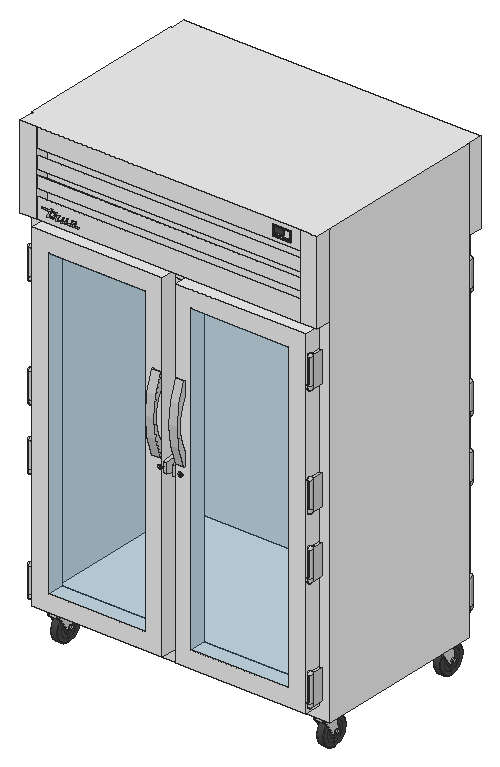
Revit family
Parameters
  Weight in Pounds = 0
  Watts = 3000 W
  Volts = 208 V
  URL Cutsheet = "www.truemfg.com"
  URL = "www.truemfg.com"
  Type Mark [instance] = ""
  Type Comments = ""
  Status [instance] = ""
  Specification by User [instance] = ""
  Specification by Manufacturer = ""
  Show Seismic Flanged [instance] = no
  Show Logo [instance] = yes
  Show Legs [instance] = no
  Show Clearance [instance] = yes
  Serial Number = ""
  Seismic Rating = ""
  Seismic Plate [instance] = and(Show Seismic Flanged, not(Show Casters))  # no
  SMACNA No = ""
  Revision Code [instance] = ""
  Phase = 1
  Omniclass Number and Title = ""
  Number of Poles [instance] = 1
  NAFEM Spec ID Number = ""
  Model = "STA2HPT-2G-2S"
  Min Ckt Ampacity = 0 A
  Max Overcurrent Protection = 0 A
  Masterspec = ""
  Manufacturer = "TRUE FOOD SERVICE EQUIPMENT, INC."
  Length = 52 5/8"
  Legs [instance] = or(Show Legs, Show Seismic Flanged)  # no
  Item Number [instance] = ""
  Installed By [instance] = ""
  Identify Quantity as Lot [instance] = yes
  Height = 77 3/4"
  HP = ""
  Furnished By [instance] = ""
  Foodservice Equipment Identifier [instance] = yes
  FL Amps = Watts / Volts  # 14.4231 A
  Electrical Remarks [instance] = ""
  Electric Connection Type [instance] = ""
  Elec Conn RI Height [instance] = 0"
  Elec Conn Connection Height [instance] = 0"
  Description = "Pass-thru Glass Front/Solid Rear Swing Doors Heated Cabinet"
  Depth = 36 1/8"
  Cycle = 60 Hz
  Conn Plug = "6-15P"
  Conn Conduit = yes
  Show Casters [instance] = and(not(if(Show Legs, Show Legs, Show Legs)), not(if(Show Legs, Show Legs, Show Seismic Flanged)))  # yes
  CSI MasterFormat = ""
  CSI Master Format = ""
  Assembly Code = ""
  Apparent Power = if(Phase = 3, Volts * FL Amps * 1.73, Volts * FL Amps)  # 3000 VA
Reference planes (in)
  plane 1 "BACK": y = 0
  plane 2: z = 0
  plane 3 "LEFT": x = 0
  plane 4 "RIGHT": x = 52.625
  plane 5 "FRONT": y = -36.125
  plane 6 "TOP": z = 84.125
  plane 7: z = 6.125
  plane 8: x = 26.3125
  plane 9: x = 3
  plane 10: x = 49.9375
  plane 11: y = -36.0792
  plane 12: x = 26.3125
  plane 13: y = -0.0458
  plane 14: y = -18.0625
Forms (in)
  Extrusion 1, solid, material "QF_Finishes_Chrome - Satin"
    sketch origin (0.05, 0, 0) x (1, 0, 0) y (0, 1, 0)
      loop
        line (-0.05, -2.75) -> (-0.05, -33.375) -> (2.35625, -33.375) -> (2.35625, -2.75) -> (-0.05, -2.75)
    from 6.125 to 84.125
  Extrusion 2, solid, material "QF_Finishes_Chrome - Satin"
    sketch origin (50.15, 0, 0) x (1, 0, 0) y (0, 1, 0)
      loop
        line (0.225, -2.75) -> (0.225, -33.375) -> (2.475, -33.375) -> (2.475, -2.75) -> (0.225, -2.75)
    from 6.125 to 84.125
  Extrusion 3, solid, material "QF_Finishes_Chrome - Satin"
    sketch origin (0, 0, 0) x (0, 1, 0) y (0, 0, 1)
      loop
        line (-36.0792, 69.5) -> (-33.375, 69.5) -> (-33.375, 66.96875) -> (-2.75, 66.96875) -> (-2.75, 69.5) -> (-0.0458, 69.5) -> (-0.0458, 73.19226) -> (-2.25, 71.625) -> (-2.25, 72.90057) -> (-0.0458, 74.46784) -> (-0.0458, 76.56404) -> (-2.25, 74.99678) -> (-2.25, 75.95754) -> (-0.0458, 77.5248) -> (-0.0458, 79.65851) -> (-2.25, 78.09125) -> (-2.25, 79.21352) -> (-0.0458, 80.78078) -> (-0.0458, 84.125) -> (-36.0792, 84.125) -> (-36.0792, 80.78078) -> (-33.875, 79.21352) -> (-33.875, 78.09125) -> (-36.0792, 79.65851) -> (-36.0792, 77.5248) -> (-33.875, 75.95754) -> (-33.875, 74.99678) -> (-36.0792, 76.56404) -> (-36.0792, 74.46784) -> (-33.875, 72.90057) -> (-33.875, 71.625) -> (-36.0792, 73.19226) -> (-36.0792, 69.5)
      loop
        line (-33.375, 6.125) -> (-2.75, 6.125) -> (-2.75, 9.03125) -> (-33.375, 9.03125) -> (-33.375, 6.125)
    from 2.25 to 50.375
  Extrusion 4, solid, material "QF_Finishes_Chrome - Satin"
    sketch origin (0, 0, 0) x (1, 0, 0) y (0, 1, 0)
      loop
        line (52.54687, -33.375) -> (49.66032, -33.375) -> (49.66032, -36.125) -> (52.54687, -36.125) -> (52.54687, -33.375)
      loop
        line (52.47282, -2.75) -> (52.47282, 0) -> (49.66032, 0) -> (49.66032, -2.75) -> (52.47282, -2.75)
    from 69.5 to 84.125
  Extrusion 5, solid, material "QF_Finishes_Chrome - Satin"
    sketch origin (-50.125, 0, 0.25) x (1, 0, 0) y (0, 1, 0)
      loop
        line (53.20984, -33.375) -> (50.20312, -33.375) -> (50.20312, -36.125) -> (53.20984, -36.125) -> (53.20984, -33.375)
      loop
        line (53.20984, -2.75) -> (53.20984, 0) -> (50.24109, 0) -> (50.24109, -2.75) -> (53.20984, -2.75)
    from 69.25 to 83.875
  Extrusion 6, solid, material "QF_Finishes_Chrome - Satin"
    sketch origin (0, -2.375, -0.71875) x (1, 0, 0) y (0, 0, 1)
      loop
        line (2.25, 68.6875) -> (2.25, 8.75) -> (25.1875, 8.75) -> (25.1875, 68.6875) -> (2.25, 68.6875)
      loop
        line (50.53125, 68.6875) -> (27.59375, 68.6875) -> (27.59375, 8.75) -> (50.53125, 8.75) -> (50.53125, 68.6875)
      loop
        line (30.25, 65.6875) -> (30.25, 11.75) -> (47.53125, 11.75) -> (47.53125, 65.6875) -> (30.25, 65.6875)
      loop
        line (5.25, 65.6875) -> (5.25, 11.75) -> (22.29688, 11.75) -> (22.29688, 65.6875) -> (5.25, 65.6875)
    from 31 to 33.75
  Extrusion 7, solid, material "QF_Finishes_Handrails and Railings"
    sketch origin (2.09375, -2.375, -2) x (1, 0, 0) y (0, 0, 1)
      loop
        circle (22.76563, 40.0625) r 0.35
      loop
        line (22.73047, 40.33635) -> (22.73047, 39.76895) -> (22.78597, 39.76895) -> (22.78597, 40.33635) -> (22.73047, 40.33635)
      loop
        circle (26.3125, 40.0625) r 0.35
      loop
        line (26.34765, 40.33635) -> (26.29215, 40.33635) -> (26.29215, 39.76895) -> (26.34765, 39.76895) -> (26.34765, 40.33635)
    from 33.5 to 33.83066
  Extrusion 8, solid, material "QF_Finishes_Handrails and Railings", visible <- "Show Logo"
    sketch origin (0.33478, -1.29327, -6.73143) x (1, 0, 0) y (0, 0, 1)
      loop
        line (3.61669, 78.46231) -> (3.51103, 78.23573) -> (4.91652, 78.23573)
        arc (4.91652, 78.23573) -> (4.94504, 78.18528) -> (4.91652, 78.13484) r 0.05887
        line (4.91652, 78.13484) -> (4.54994, 77.34872)
        arc (4.54994, 77.34872) -> (4.54676, 77.27591) -> (4.596, 77.22217) r 0.09523
        line (4.596, 77.22217) -> (5.49469, 77.22217)
        arc (5.49469, 77.22217) -> (5.60817, 77.25795) -> (5.68061, 77.35235) r 0.19785
        line (5.68061, 77.35235) -> (5.9691, 77.97101) -> (6.23415, 77.97101)
        arc (6.23415, 77.97101) -> (6.30369, 77.94543) -> (6.29362, 77.87203) r 0.05911
        line (6.29362, 77.87203) -> (6.05223, 77.35437)
        arc (6.05223, 77.35437) -> (6.05599, 77.2684) -> (6.12856, 77.22217) r 0.09318
        line (6.12856, 77.22217) -> (6.91823, 77.22217)
        arc (6.91823, 77.22217) -> (6.97874, 77.24419) -> (7.01093, 77.29995) r 0.09412
        arc (7.01093, 77.29995) -> (7.03371, 77.24495) -> (7.08871, 77.22217) r 0.07778
        line (7.08871, 77.22217) -> (7.58871, 77.22217)
        arc (7.58871, 77.22217) -> (7.64647, 77.23765) -> (7.68876, 77.27993) r 0.11552
        arc (7.68876, 77.27993) -> (7.709, 77.23106) -> (7.75787, 77.21081) r 0.06912
        line (7.75787, 77.21081) -> (8.4685, 77.21081)
        arc (8.4685, 77.21081) -> (8.52659, 77.23488) -> (8.55066, 77.29297) r 0.08216
        arc (8.55066, 77.29297) -> (8.60392, 77.23972) -> (8.67667, 77.22022) r 0.14551
        line (8.67667, 77.22022) -> (10.00783, 77.22022) -> (10.15571, 77.47634) -> (8.81303, 77.47634)
        arc (8.81303, 77.47634) -> (8.77597, 77.50204) -> (8.77459, 77.54711) r 0.05009
        line (8.77459, 77.54711) -> (8.79782, 77.59692)
        arc (8.79782, 77.59692) -> (8.83348, 77.64364) -> (8.88952, 77.66135) r 0.09747
        line (8.88952, 77.66135) -> (9.3211, 77.66135)
        arc (9.3211, 77.66135) -> (9.41425, 77.68631) -> (9.48244, 77.7545) r 0.1863
        line (9.48244, 77.7545) -> (9.60744, 77.97101)
        arc (9.60744, 77.97101) -> (9.60744, 78.08657) -> (9.50736, 78.14434) r 0.11556
        line (9.50736, 78.14434) -> (9.05187, 78.14434)
        arc (9.05187, 78.14434) -> (8.93575, 78.12462) -> (8.85474, 78.03912) r 0.18605
        line (8.85474, 78.03912) -> (8.63829, 77.57493)
        arc (8.63829, 77.57493) -> (8.5744, 77.49167) -> (8.47431, 77.46011) r 0.1745
        line (8.47431, 77.46011) -> (8.00184, 77.46011)
        arc (8.00184, 77.46011) -> (7.94528, 77.52184) -> (7.94893, 77.60548) r 0.10939
        line (7.94893, 77.60548) -> (8.2002, 78.14434) -> (8.04028, 78.14434) -> (7.77406, 77.57344)
        arc (7.77406, 77.57344) -> (7.72234, 77.50603) -> (7.6413, 77.48048) r 0.14128
        line (7.6413, 77.48048) -> (7.3155, 77.48048)
        arc (7.3155, 77.48048) -> (7.26044, 77.55223) -> (7.27225, 77.64189) r 0.11816
        line (7.27225, 77.64189) -> (7.50655, 78.14434) -> (7.34139, 78.14434) -> (7.07171, 77.566)
        arc (7.07171, 77.566) -> (7.0091, 77.50339) -> (6.92358, 77.48048) r 0.17104
        line (6.92358, 77.48048) -> (6.4518, 77.48048)
        arc (6.4518, 77.48048) -> (6.36707, 77.51999) -> (6.35892, 77.61313) r 0.0935
        line (6.35892, 77.61313) -> (6.51399, 77.94569) -> (6.7332, 77.94569)
        arc (6.7332, 77.94569) -> (6.7702, 78.05717) -> (6.84892, 78.14434) r 0.2857
        line (6.84892, 78.14434) -> (5.9923, 78.14434)
        arc (5.9923, 78.14434) -> (5.89711, 78.12324) -> (5.83123, 78.05135) r 0.16212
        line (5.83123, 78.05135) -> (5.59904, 77.55341)
        arc (5.59904, 77.55341) -> (5.54565, 77.50002) -> (5.47272, 77.48048) r 0.14586
        line (5.47272, 77.48048) -> (4.96131, 77.48048)
        arc (4.96131, 77.48048) -> (4.92139, 77.53442) -> (4.92899, 77.60109) r 0.09155
        line (4.92899, 77.60109) -> (5.26643, 78.23573) -> (6.1178, 78.23573) -> (6.22346, 78.46231) -> (5.37209, 78.46231) -> (5.47774, 78.68888) -> (5.17487, 78.68888) -> (5.06922, 78.46231) -> (3.61669, 78.46231)
      loop
        arc (8.9943, 77.93863) -> (8.95744, 77.92875) -> (8.93045, 77.90176) r 0.07373
        line (8.93045, 77.90176) -> (8.90854, 77.83436)
        arc (8.90854, 77.83436) -> (8.9187, 77.80983) -> (8.94324, 77.79966) r 0.0347
        line (8.94324, 77.79966) -> (9.31573, 77.79966)
        arc (9.31573, 77.79966) -> (9.34257, 77.80561) -> (9.36437, 77.82234) r 0.0635
        line (9.36437, 77.82234) -> (9.38249, 77.90622)
        arc (9.38249, 77.90622) -> (9.37716, 77.92868) -> (9.35634, 77.93863) r 0.02676
        line (9.35634, 77.93863) -> (8.9943, 77.93863)
    from 34.76797 to 34.83173
  Extrusion 9, solid
    sketch origin (0, 0, 0) x (1, 0, 0) y (0, 0, 1)
      loop
        circle (49.53125, 82) r 0.25
    from 0 to 0.0625
  Extrusion 10, solid, material "QF_Finishes_Handrails and Railings"
    sketch origin (35.89656, -0.25, 93.43167) x (0, 1, 0) y (0, 0, -1)
      loop
        line (-35.875, 53.875) -> (-36.075, 53.875)
        arc (-36.075, 53.875) -> (-37.51905, 47.075) -> (-36.075, 40.275) r 16.7325
        line (-36.075, 40.275) -> (-35.875, 40.275) -> (-35.875, 42.675)
        arc (-35.875, 42.675) -> (-37.03316, 47.075) -> (-35.875, 51.475) r 8.93715
        line (-35.875, 51.475) -> (-35.875, 53.875)
    from 10.87731 to 12.37731
  Blend 11, solid, material "QF_Finishes_Handrails and Railings"
    base sketch origin (-0.14063, -2.375, 0) x (1, 0, 0) y (0, 0, 1)
      loop
        line (25.32813, 38.99169) -> (25.32813, 37.24169) -> (26.07813, 37.24169) -> (26.07813, 38.99169) -> (25.32813, 38.99169)
    top sketch origin (-0.14063, 0, 0) x (1, 0, 0) y (0, 0, 1)
      loop
        line (26.26036, 36.6441) -> (26.26036, 39.42643) -> (25.32813, 39.42643) -> (25.32813, 36.6441) -> (26.26036, 36.6441)
    from 33.57883 to 33.375
  Blend 12, solid, material "QF_Finishes_Handrails and Railings"
    base sketch origin (52.84375, -2.375, 0) x (-1, 0, 0) y (0, 0, -1)
      loop
        line (25.25, -38.99169) -> (26, -38.99169) -> (26, -37.24169) -> (25.25, -37.24169) -> (25.25, -38.99169)
    top sketch origin (52.84375, 0, 0) x (-1, 0, 0) y (0, 0, -1)
      loop
        line (26.18223, -36.6441) -> (25.25, -36.6441) -> (25.25, -39.42643) -> (26.18223, -39.42643) -> (26.18223, -36.6441)
    from 33.57883 to 33.375
  Extrusion 13, solid, material "QF_Finishes_Handrails and Railings"
    sketch origin (1.09375, 0, 0) x (0, 1, 0) y (0, 0, 1)
      loop
        line (-33.375, 64.55229) -> (-34.98544, 64.55229)
        arc (-34.98544, 64.55229) -> (-35.13006, 64.49238) -> (-35.18997, 64.34776) r 0.20453
        line (-35.18997, 64.34776) -> (-35.18997, 59.94848) -> (-35.625, 59.94848) -> (-35.625, 59.23627) -> (-33.375, 59.23627) -> (-33.375, 64.55229)
    from 0.17506 to 1
  Revolve 14, solid, material "QF_Finishes_Handrails and Railings"
    sketch origin (1.59375, 0, 0) x (0, 1, 0) y (0, 0, 1)
      loop
        line (-35.64063, 60.00189) -> (-35.64063, 64.81483)
        arc (-35.64063, 64.81483) -> (-35.91222, 64.72557) -> (-36.04729, 64.4736) r 0.3848
        line (-36.04729, 64.4736) -> (-36.04729, 60.00189) -> (-35.64063, 60.00189)
      loop
        line (-35.64063, 59.94848) -> (-36.04729, 59.94848) -> (-36.04729, 59.37712)
        arc (-36.04729, 59.37712) -> (-35.90764, 59.13383) -> (-35.64063, 59.04781) r 0.38884
        line (-35.64063, 59.04781) -> (-35.64063, 59.94848)
      axis (-35.64063, 59.04781) -> (-35.64063, 64.81483)
    angle from 0 to 360
  Extrusion 15, solid, material "QF_Finishes_Handrails and Railings"
    sketch origin (-0.21875, -2.375, 0) x (1, 0, 0) y (0, 0, 1)
      loop
        line (2.07116, 64.4736) -> (2.07116, 60.00079) -> (2.46875, 60.00079) -> (2.46875, 64.4736) -> (2.07116, 64.4736)
    from 32.81497 to 33.59495
  Extrusion 16, solid, material "QF_Finishes_Handrails and Railings"
    sketch origin (1.09375, 0, -19.5) x (0, 1, 0) y (0, 0, 1)
      loop
        line (-33.375, 64.55229) -> (-34.98544, 64.55229)
        arc (-34.98544, 64.55229) -> (-35.13006, 64.49238) -> (-35.18997, 64.34776) r 0.20453
        line (-35.18997, 64.34776) -> (-35.18997, 59.94848) -> (-35.625, 59.94848) -> (-35.625, 59.23627) -> (-33.375, 59.23627) -> (-33.375, 64.55229)
    from 0.17506 to 1
  Revolve 17, solid, material "QF_Finishes_Handrails and Railings"
    sketch origin (1.59375, 0, -19.5) x (0, 1, 0) y (0, 0, 1)
      loop
        line (-35.64063, 60.00189) -> (-35.64063, 64.81483)
        arc (-35.64063, 64.81483) -> (-35.91222, 64.72557) -> (-36.04729, 64.4736) r 0.3848
        line (-36.04729, 64.4736) -> (-36.04729, 60.00189) -> (-35.64063, 60.00189)
      loop
        line (-35.64063, 59.94848) -> (-36.04729, 59.94848) -> (-36.04729, 59.37712)
        arc (-36.04729, 59.37712) -> (-35.90764, 59.13383) -> (-35.64063, 59.04781) r 0.38884
        line (-35.64063, 59.04781) -> (-35.64063, 59.94848)
      axis (-35.64063, 59.04781) -> (-35.64063, 64.81483)
    angle from 0 to 360
  Extrusion 18, solid, material "QF_Finishes_Handrails and Railings"
    sketch origin (-0.21875, -2.375, -19.5) x (1, 0, 0) y (0, 0, 1)
      loop
        line (2.07116, 64.4736) -> (2.07116, 60.00079) -> (2.46875, 60.00079) -> (2.46875, 64.4736) -> (2.07116, 64.4736)
    from 32.81497 to 33.59495
  Extrusion 19, solid, material "QF_Finishes_Handrails and Railings"
    sketch origin (1.09375, 0, -30.5) x (0, 1, 0) y (0, 0, 1)
      loop
        line (-33.375, 64.55229) -> (-34.98544, 64.55229)
        arc (-34.98544, 64.55229) -> (-35.13006, 64.49238) -> (-35.18997, 64.34776) r 0.20453
        line (-35.18997, 64.34776) -> (-35.18997, 59.94848) -> (-35.625, 59.94848) -> (-35.625, 59.23627) -> (-33.375, 59.23627) -> (-33.375, 64.55229)
    from 0.17506 to 1
  Revolve 20, solid, material "QF_Finishes_Handrails and Railings"
    sketch origin (1.59375, 0, -30.5) x (0, 1, 0) y (0, 0, 1)
      loop
        line (-35.64063, 60.00189) -> (-35.64063, 64.81483)
        arc (-35.64063, 64.81483) -> (-35.91222, 64.72557) -> (-36.04729, 64.4736) r 0.3848
        line (-36.04729, 64.4736) -> (-36.04729, 60.00189) -> (-35.64063, 60.00189)
      loop
        line (-35.64063, 59.94848) -> (-36.04729, 59.94848) -> (-36.04729, 59.37712)
        arc (-36.04729, 59.37712) -> (-35.90764, 59.13383) -> (-35.64063, 59.04781) r 0.38884
        line (-35.64063, 59.04781) -> (-35.64063, 59.94848)
      axis (-35.64063, 59.04781) -> (-35.64063, 64.81483)
    angle from 0 to 360
  Extrusion 21, solid, material "QF_Finishes_Handrails and Railings"
    sketch origin (-0.21875, -2.375, -30.5) x (1, 0, 0) y (0, 0, 1)
      loop
        line (2.07116, 64.4736) -> (2.07116, 60.00079) -> (2.46875, 60.00079) -> (2.46875, 64.4736) -> (2.07116, 64.4736)
    from 32.81497 to 33.59495
  Extrusion 22, solid, material "QF_Finishes_Handrails and Railings"
    sketch origin (1.09375, 0, -50.25) x (0, 1, 0) y (0, 0, 1)
      loop
        line (-33.375, 64.55229) -> (-34.98544, 64.55229)
        arc (-34.98544, 64.55229) -> (-35.13006, 64.49238) -> (-35.18997, 64.34776) r 0.20453
        line (-35.18997, 64.34776) -> (-35.18997, 59.94848) -> (-35.625, 59.94848) -> (-35.625, 59.23627) -> (-33.375, 59.23627) -> (-33.375, 64.55229)
    from 0.17506 to 1
  Revolve 23, solid, material "QF_Finishes_Handrails and Railings"
    sketch origin (1.59375, 0, -50.25) x (0, 1, 0) y (0, 0, 1)
      loop
        line (-35.64063, 60.00189) -> (-35.64063, 64.81483)
        arc (-35.64063, 64.81483) -> (-35.91222, 64.72557) -> (-36.04729, 64.4736) r 0.3848
        line (-36.04729, 64.4736) -> (-36.04729, 60.00189) -> (-35.64063, 60.00189)
      loop
        line (-35.64063, 59.94848) -> (-36.04729, 59.94848) -> (-36.04729, 59.37712)
        arc (-36.04729, 59.37712) -> (-35.90764, 59.13383) -> (-35.64063, 59.04781) r 0.38884
        line (-35.64063, 59.04781) -> (-35.64063, 59.94848)
      axis (-35.64063, 59.04781) -> (-35.64063, 64.81483)
    angle from 0 to 360
  Extrusion 24, solid, material "QF_Finishes_Handrails and Railings"
    sketch origin (-0.21875, -2.375, -50.25) x (1, 0, 0) y (0, 0, 1)
      loop
        line (2.07116, 64.4736) -> (2.07116, 60.00079) -> (2.46875, 60.00079) -> (2.46875, 64.4736) -> (2.07116, 64.4736)
    from 32.81497 to 33.59495
  Extrusion 25, solid, material "QF_Finishes_Handrails and Railings"
    sketch origin (51.375, 0, 0) x (0, 1, 0) y (0, 0, -1)
      loop
        line (-33.375, -64.55229) -> (-33.375, -59.23627) -> (-35.625, -59.23627) -> (-35.625, -59.94848) -> (-35.18997, -59.94848) -> (-35.18997, -64.34776)
        arc (-35.18997, -64.34776) -> (-35.13006, -64.49238) -> (-34.98544, -64.55229) r 0.20453
        line (-34.98544, -64.55229) -> (-33.375, -64.55229)
    from 0.17506 to 1
  Revolve 26, solid, material "QF_Finishes_Handrails and Railings"
    sketch origin (50.875, 0, 0) x (0, 1, 0) y (0, 0, -1)
      loop
        line (-35.64063, -60.00189) -> (-36.04729, -60.00189) -> (-36.04729, -64.4736)
        arc (-36.04729, -64.4736) -> (-35.91222, -64.72557) -> (-35.64063, -64.81483) r 0.3848
        line (-35.64063, -64.81483) -> (-35.64063, -60.00189)
      loop
        line (-35.64063, -59.94848) -> (-35.64063, -59.04781)
        arc (-35.64063, -59.04781) -> (-35.90764, -59.13383) -> (-36.04729, -59.37712) r 0.38884
        line (-36.04729, -59.37712) -> (-36.04729, -59.94848) -> (-35.64063, -59.94848)
      axis (-35.64063, -59.04781) -> (-35.64063, -64.81483)
    angle from 0 to 360
  Extrusion 27, solid, material "QF_Finishes_Handrails and Railings"
    sketch origin (52.6875, -2.375, 0) x (-1, 0, 0) y (0, 0, -1)
      loop
        line (1.75866, -64.4736) -> (2.15625, -64.4736) -> (2.15625, -60.00079) -> (1.75866, -60.00079) -> (1.75866, -64.4736)
    from 32.81497 to 33.59495
  Extrusion 28, solid, material "QF_Finishes_Handrails and Railings"
    sketch origin (51.375, 0, -19.5) x (0, 1, 0) y (0, 0, -1)
      loop
        line (-33.375, -64.55229) -> (-33.375, -59.23627) -> (-35.625, -59.23627) -> (-35.625, -59.94848) -> (-35.18997, -59.94848) -> (-35.18997, -64.34776)
        arc (-35.18997, -64.34776) -> (-35.13006, -64.49238) -> (-34.98544, -64.55229) r 0.20453
        line (-34.98544, -64.55229) -> (-33.375, -64.55229)
    from 0.17506 to 1
  Revolve 29, solid, material "QF_Finishes_Handrails and Railings"
    sketch origin (50.875, 0, -19.5) x (0, 1, 0) y (0, 0, -1)
      loop
        line (-35.64063, -60.00189) -> (-36.04729, -60.00189) -> (-36.04729, -64.4736)
        arc (-36.04729, -64.4736) -> (-35.91222, -64.72557) -> (-35.64063, -64.81483) r 0.3848
        line (-35.64063, -64.81483) -> (-35.64063, -60.00189)
      loop
        line (-35.64063, -59.94848) -> (-35.64063, -59.04781)
        arc (-35.64063, -59.04781) -> (-35.90764, -59.13383) -> (-36.04729, -59.37712) r 0.38884
        line (-36.04729, -59.37712) -> (-36.04729, -59.94848) -> (-35.64063, -59.94848)
      axis (-35.64063, -59.04781) -> (-35.64063, -64.81483)
    angle from 0 to 360
  Extrusion 30, solid, material "QF_Finishes_Handrails and Railings"
    sketch origin (52.6875, -2.375, -19.5) x (-1, 0, 0) y (0, 0, -1)
      loop
        line (1.75866, -64.4736) -> (2.15625, -64.4736) -> (2.15625, -60.00079) -> (1.75866, -60.00079) -> (1.75866, -64.4736)
    from 32.81497 to 33.59495
  Extrusion 31, solid, material "QF_Finishes_Handrails and Railings"
    sketch origin (51.375, 0, -30.5) x (0, 1, 0) y (0, 0, -1)
      loop
        line (-33.375, -64.55229) -> (-33.375, -59.23627) -> (-35.625, -59.23627) -> (-35.625, -59.94848) -> (-35.18997, -59.94848) -> (-35.18997, -64.34776)
        arc (-35.18997, -64.34776) -> (-35.13006, -64.49238) -> (-34.98544, -64.55229) r 0.20453
        line (-34.98544, -64.55229) -> (-33.375, -64.55229)
    from 0.17506 to 1
  Revolve 32, solid, material "QF_Finishes_Handrails and Railings"
    sketch origin (50.875, 0, -30.5) x (0, 1, 0) y (0, 0, -1)
      loop
        line (-35.64063, -60.00189) -> (-36.04729, -60.00189) -> (-36.04729, -64.4736)
        arc (-36.04729, -64.4736) -> (-35.91222, -64.72557) -> (-35.64063, -64.81483) r 0.3848
        line (-35.64063, -64.81483) -> (-35.64063, -60.00189)
      loop
        line (-35.64063, -59.94848) -> (-35.64063, -59.04781)
        arc (-35.64063, -59.04781) -> (-35.90764, -59.13383) -> (-36.04729, -59.37712) r 0.38884
        line (-36.04729, -59.37712) -> (-36.04729, -59.94848) -> (-35.64063, -59.94848)
      axis (-35.64063, -59.04781) -> (-35.64063, -64.81483)
    angle from 0 to 360
  Extrusion 33, solid, material "QF_Finishes_Handrails and Railings"
    sketch origin (52.6875, -2.375, -30.5) x (-1, 0, 0) y (0, 0, -1)
      loop
        line (1.75866, -64.4736) -> (2.15625, -64.4736) -> (2.15625, -60.00079) -> (1.75866, -60.00079) -> (1.75866, -64.4736)
    from 32.81497 to 33.59495
  Extrusion 34, solid, material "QF_Finishes_Handrails and Railings"
    sketch origin (51.375, 0, -50.25) x (0, 1, 0) y (0, 0, -1)
      loop
        line (-33.375, -64.55229) -> (-33.375, -59.23627) -> (-35.625, -59.23627) -> (-35.625, -59.94848) -> (-35.18997, -59.94848) -> (-35.18997, -64.34776)
        arc (-35.18997, -64.34776) -> (-35.13006, -64.49238) -> (-34.98544, -64.55229) r 0.20453
        line (-34.98544, -64.55229) -> (-33.375, -64.55229)
    from 0.17506 to 1
  Revolve 35, solid, material "QF_Finishes_Handrails and Railings"
    sketch origin (50.875, 0, -50.25) x (0, 1, 0) y (0, 0, -1)
      loop
        line (-35.64063, -60.00189) -> (-36.04729, -60.00189) -> (-36.04729, -64.4736)
        arc (-36.04729, -64.4736) -> (-35.91222, -64.72557) -> (-35.64063, -64.81483) r 0.3848
        line (-35.64063, -64.81483) -> (-35.64063, -60.00189)
      loop
        line (-35.64063, -59.94848) -> (-35.64063, -59.04781)
        arc (-35.64063, -59.04781) -> (-35.90764, -59.13383) -> (-36.04729, -59.37712) r 0.38884
        line (-36.04729, -59.37712) -> (-36.04729, -59.94848) -> (-35.64063, -59.94848)
      axis (-35.64063, -59.04781) -> (-35.64063, -64.81483)
    angle from 0 to 360
  Extrusion 36, solid, material "QF_Finishes_Handrails and Railings"
    sketch origin (52.6875, -2.375, -50.25) x (-1, 0, 0) y (0, 0, -1)
      loop
        line (1.75866, -64.4736) -> (2.15625, -64.4736) -> (2.15625, -60.00079) -> (1.75866, -60.00079) -> (1.75866, -64.4736)
    from 32.81497 to 33.59495
  Revolve 37, solid, material "QF_Finishes_Black", visible <- "Show Casters"
    sketch origin (47.78125, -29.75, 0) x (1, 0, 0) y (0, 0, 1)
      loop
        line (1.63125, 5) -> (1.53125, 4.9) -> (1.53125, 4.29941) -> (1.69226, 4.29941) -> (1.69226, 3.54941) -> (1.53125, 3.54941) -> (1.53125, 2.79941) -> (1.13125, 2.79941) -> (1.13125, 2.5) -> (3.18125, 2.5) -> (3.18125, 2.79941) -> (2.78533, 2.79941) -> (2.78533, 3.54941) -> (2.62024, 3.54941) -> (2.62024, 4.29941) -> (2.78533, 4.29941) -> (2.78533, 4.89592) -> (2.68125, 5) -> (1.63125, 5)
      axis (3.18125, 2.5) -> (1.13125, 2.5)
    angle from 0 to 360
  Extrusion 38, solid, material "QF_Finishes_Handrails and Railings", visible <- "Show Casters"
    sketch origin (47.78125, 0, 0) x (0, 1, 0) y (0, 0, 1)
      loop
        line (-32.32636, 5.48574) -> (-32.32636, 4.88089) -> (-32.07636, 4.88089) -> (-30.32716, 2.18736)
        arc (-30.32716, 2.18736) -> (-29.61383, 1.94868) -> (-29.22081, 2.59003) r 0.60416
        line (-29.22081, 2.59003) -> (-29.57636, 5.48574) -> (-32.32636, 5.48574)
      loop
        line (-6.6077, 5.48574) -> (-6.6077, 4.88089) -> (-6.3577, 4.88089) -> (-4.6085, 2.18736)
        arc (-4.6085, 2.18736) -> (-3.89517, 1.94868) -> (-3.50215, 2.59003) r 0.60416
        line (-3.50215, 2.59003) -> (-3.8577, 5.48574) -> (-6.6077, 5.48574)
    from 1.175 to 1.325
  Extrusion 39, solid, material "QF_Finishes_Handrails and Railings", visible <- "Show Casters"
    sketch origin (49.28125, 0, 0) x (0, 1, 0) y (0, 0, 1)
      loop
        line (-32.32636, 5.48574) -> (-32.32636, 4.88089) -> (-32.07636, 4.88089) -> (-30.32716, 2.18736)
        arc (-30.32716, 2.18736) -> (-29.61383, 1.94868) -> (-29.22081, 2.59003) r 0.60416
        line (-29.22081, 2.59003) -> (-29.57636, 5.48574) -> (-32.32636, 5.48574)
      loop
        line (-6.6077, 5.48574) -> (-6.6077, 4.88089) -> (-6.3577, 4.88089) -> (-4.6085, 2.18736)
        arc (-4.6085, 2.18736) -> (-3.89517, 1.94868) -> (-3.50215, 2.59003) r 0.60416
        line (-3.50215, 2.59003) -> (-3.8577, 5.48574) -> (-6.6077, 5.48574)
    from 1.175 to 1.325
  Revolve 40, solid, material "QF_Finishes_Chrome - Satin", visible <- "Show Casters"
    sketch origin (47.78125, -30.9375, -0.5) x (1, 0, 0) y (0, 0, 1)
      loop
        line (2.15625, 5.99546) -> (2.15625, 6.62359) -> (0.85918, 6.62359) -> (0.85918, 5.99546) -> (2.15625, 5.99546)
      axis (2.15625, 5.99546) -> (2.15625, 6.62359)
    angle from 0 to 360
  Revolve 41, solid, material "QF_Finishes_Chrome - Satin", visible <- "Legs"
    sketch origin (47.78125, -5.44102, 0) x (1, 0, 0) y (0, 0, 1)
      loop
        line (2.15625, 6.125) -> (0.82287, 6.125) -> (1.40625, 1) -> (1.65625, 1) -> (1.65625, 0) -> (2.15625, 0) -> (2.15625, 6.125)
      axis (2.15625, 0) -> (2.15625, 6.125)
    angle from 0 to 360
  Revolve 42, solid, material "QF_Finishes_Chrome - Satin", visible <- "Legs"
    sketch origin (47.78125, -31.03477, 0) x (1, 0, 0) y (0, 0, 1)
      loop
        line (2.15625, 6.125) -> (0.82287, 6.125) -> (1.40625, 1) -> (1.65625, 1) -> (1.65625, 0) -> (2.15625, 0) -> (2.15625, 6.125)
      axis (2.15625, 0) -> (2.15625, 6.125)
    angle from 0 to 360
  Revolve 43, solid, material "QF_Finishes_Chrome - Satin", visible <- "Show Casters"
    sketch origin (47.78125, -5.45321, -0.5) x (1, 0, 0) y (0, 0, 1)
      loop
        line (2.15625, 5.99546) -> (2.15625, 6.62359) -> (0.85918, 6.62359) -> (0.85918, 5.99546) -> (2.15625, 5.99546)
      axis (2.15625, 5.99546) -> (2.15625, 6.62359)
    angle from 0 to 360
  Extrusion 44, solid, material "QF_Finishes_Handrails and Railings", visible <- "Show Casters"
    sketch origin (0, 0, 0) x (0, 1, 0) y (0, 0, 1)
      loop
        line (-32.32636, 5.48574) -> (-32.32636, 4.88089) -> (-32.07636, 4.88089) -> (-29.54033, 5.19227) -> (-29.57636, 5.48574) -> (-32.32636, 5.48574)
      loop
        line (-6.6077, 5.48574) -> (-6.6077, 4.88089) -> (-6.3577, 4.88089) -> (-3.82167, 5.19227) -> (-3.8577, 5.48574) -> (-6.6077, 5.48574)
    from 49.10625 to 50.45625
  Revolve 45, solid, material "QF_Finishes_Black", visible <- "Show Casters"
    sketch origin (47.78125, -3.96875, 0) x (1, 0, 0) y (0, 0, 1)
      loop
        line (1.63125, 5) -> (1.53125, 4.9) -> (1.53125, 4.29941) -> (1.69226, 4.29941) -> (1.69226, 3.54941) -> (1.53125, 3.54941) -> (1.53125, 2.79941) -> (1.13125, 2.79941) -> (1.13125, 2.5) -> (3.18125, 2.5) -> (3.18125, 2.79941) -> (2.78533, 2.79941) -> (2.78533, 3.54941) -> (2.62024, 3.54941) -> (2.62024, 4.29941) -> (2.78533, 4.29941) -> (2.78533, 4.89592) -> (2.68125, 5) -> (1.63125, 5)
      axis (3.18125, 2.5) -> (1.13125, 2.5)
    angle from 0 to 360
  Revolve 46, solid, material "QF_Finishes_Black", visible <- "Show Casters"
    sketch origin (0.84375, -29.75, 0) x (1, 0, 0) y (0, 0, 1)
      loop
        line (1.63125, 5) -> (1.53125, 4.9) -> (1.53125, 4.29941) -> (1.69226, 4.29941) -> (1.69226, 3.54941) -> (1.53125, 3.54941) -> (1.53125, 2.79941) -> (0.975, 2.79941) -> (0.975, 2.5) -> (3.18125, 2.5) -> (3.18125, 2.79941) -> (2.78533, 2.79941) -> (2.78533, 3.54941) -> (2.62024, 3.54941) -> (2.62024, 4.29941) -> (2.78533, 4.29941) -> (2.78533, 4.89592) -> (2.68125, 5) -> (1.63125, 5)
      axis (3.18125, 2.5) -> (0.975, 2.5)
    angle from 0 to 360
  Extrusion 47, solid, material "QF_Finishes_Handrails and Railings", visible <- "Show Casters"
    sketch origin (0.84375, 0, 0) x (0, 1, 0) y (0, 0, 1)
      loop
        line (-32.32636, 5.48574) -> (-32.32636, 4.88089) -> (-32.07636, 4.88089) -> (-30.32716, 2.18736)
        arc (-30.32716, 2.18736) -> (-29.61383, 1.94868) -> (-29.22081, 2.59003) r 0.60416
        line (-29.22081, 2.59003) -> (-29.57636, 5.48574) -> (-32.32636, 5.48574)
      loop
        line (-6.6077, 5.48574) -> (-6.6077, 4.88089) -> (-6.3577, 4.88089) -> (-4.6085, 2.18736)
        arc (-4.6085, 2.18736) -> (-3.89517, 1.94868) -> (-3.50215, 2.59003) r 0.60416
        line (-3.50215, 2.59003) -> (-3.8577, 5.48574) -> (-6.6077, 5.48574)
    from 1.175 to 1.325
  Extrusion 48, solid, material "QF_Finishes_Handrails and Railings", visible <- "Show Casters"
    sketch origin (2.34375, 0, 0) x (0, 1, 0) y (0, 0, 1)
      loop
        line (-32.32636, 5.48574) -> (-32.32636, 4.88089) -> (-32.07636, 4.88089) -> (-30.32716, 2.18736)
        arc (-30.32716, 2.18736) -> (-29.61383, 1.94868) -> (-29.22081, 2.59003) r 0.60416
        line (-29.22081, 2.59003) -> (-29.57636, 5.48574) -> (-32.32636, 5.48574)
      loop
        line (-6.6077, 5.48574) -> (-6.6077, 4.88089) -> (-6.3577, 4.88089) -> (-4.6085, 2.18736)
        arc (-4.6085, 2.18736) -> (-3.89517, 1.94868) -> (-3.50215, 2.59003) r 0.60416
        line (-3.50215, 2.59003) -> (-3.8577, 5.48574) -> (-6.6077, 5.48574)
    from 1.175 to 1.325
  Revolve 49, solid, material "QF_Finishes_Chrome - Satin", visible <- "Show Casters"
    sketch origin (0.84375, -30.9375, -0.5) x (1, 0, 0) y (0, 0, 1)
      loop
        line (2.15625, 5.99546) -> (2.15625, 6.62359) -> (0.85918, 6.62359) -> (0.85918, 5.99546) -> (2.15625, 5.99546)
      axis (2.15625, 5.99546) -> (2.15625, 6.62359)
    angle from 0 to 360
  Revolve 50, solid, material "QF_Finishes_Chrome - Satin", visible <- "Legs"
    sketch origin (0.84375, -5.44102, 0) x (1, 0, 0) y (0, 0, 1)
      loop
        line (2.15625, 6.125) -> (0.82287, 6.125) -> (1.40625, 1) -> (1.65625, 1) -> (1.65625, 0) -> (2.15625, 0) -> (2.15625, 6.125)
      axis (2.15625, 0) -> (2.15625, 6.125)
    angle from 0 to 360
  Revolve 51, solid, material "QF_Finishes_Chrome - Satin", visible <- "Legs"
    sketch origin (0.84375, -31.03477, 0) x (1, 0, 0) y (0, 0, 1)
      loop
        line (2.15625, 6.125) -> (0.82287, 6.125) -> (1.40625, 1) -> (1.65625, 1) -> (1.65625, 0) -> (2.15625, 0) -> (2.15625, 6.125)
      axis (2.15625, 0) -> (2.15625, 6.125)
    angle from 0 to 360
  Revolve 52, solid, material "QF_Finishes_Chrome - Satin", visible <- "Show Casters"
    sketch origin (0.84375, -5.45321, -0.5) x (1, 0, 0) y (0, 0, 1)
      loop
        line (2.15625, 5.99546) -> (2.15625, 6.62359) -> (0.85918, 6.62359) -> (0.85918, 5.99546) -> (2.15625, 5.99546)
      axis (2.15625, 5.99546) -> (2.15625, 6.62359)
    angle from 0 to 360
  Extrusion 53, solid, material "QF_Finishes_Handrails and Railings", visible <- "Show Casters"
    sketch origin (-46.9375, 0, 0) x (0, 1, 0) y (0, 0, 1)
      loop
        line (-32.32636, 5.48574) -> (-32.32636, 4.88089) -> (-32.07636, 4.88089) -> (-29.54033, 5.19227) -> (-29.57636, 5.48574) -> (-32.32636, 5.48574)
      loop
        line (-6.6077, 5.48574) -> (-6.6077, 4.88089) -> (-6.3577, 4.88089) -> (-3.82167, 5.19227) -> (-3.8577, 5.48574) -> (-6.6077, 5.48574)
    from 49.10625 to 50.45625
  Revolve 54, solid, material "QF_Finishes_Black", visible <- "Show Casters"
    sketch origin (0.84375, -3.96875, 0) x (1, 0, 0) y (0, 0, 1)
      loop
        line (1.63125, 5) -> (1.53125, 4.9) -> (1.53125, 4.29941) -> (1.69226, 4.29941) -> (1.69226, 3.54941) -> (1.53125, 3.54941) -> (1.53125, 2.79941) -> (0.975, 2.79941) -> (0.975, 2.5) -> (3.18125, 2.5) -> (3.18125, 2.79941) -> (2.78533, 2.79941) -> (2.78533, 3.54941) -> (2.62024, 3.54941) -> (2.62024, 4.29941) -> (2.78533, 4.29941) -> (2.78533, 4.89592) -> (2.68125, 5) -> (1.63125, 5)
      axis (3.18125, 2.5) -> (0.975, 2.5)
    angle from 0 to 360
  Extrusion 55, solid, material "QF_Finishes_White"
    sketch origin (1.49925, -1.31123, 1.58022) x (1, 0, 0) y (0, 0, 1)
      loop
        line (43.31732, 81.73227) -> (43.31732, 79.98496) -> (46.22357, 79.98496) -> (46.22357, 81.73227) -> (43.31732, 81.73227)
    from 34.75 to 34.76797
  Extrusion 56, solid, material "QF_Finishes_Black"
    sketch origin (1.49925, -1.31123, 1.58022) x (1, 0, 0) y (0, 0, 1)
      loop
        line (46.28607, 81.79477) -> (43.25482, 81.79477) -> (43.25482, 79.92246) -> (46.28607, 79.92246) -> (46.28607, 81.79477)
      loop
        spline (43.45482, 80.25372) -> (43.46333, 80.23754) -> (43.48831, 80.22247) -> (43.52804, 80.20952) -> (43.57982, 80.19959) -> (43.64011, 80.19335) -> (43.70482, 80.19122) -> (43.76952, 80.19335) -> (43.82982, 80.19959) -> (43.88159, 80.20952) -> (43.92132, 80.22247) -> (43.9463, 80.23754) -> (43.95482, 80.25372)
        spline (43.95482, 80.25372) -> (43.9463, 80.26989) -> (43.92132, 80.28497) -> (43.88159, 80.29791) -> (43.82982, 80.30784) -> (43.76952, 80.31409) -> (43.70482, 80.31622) -> (43.64011, 80.31409) -> (43.57982, 80.30784) -> (43.52804, 80.29791) -> (43.48831, 80.28497) -> (43.46333, 80.26989) -> (43.45482, 80.25372)
      loop
        spline (44.15083, 80.25372) -> (44.15935, 80.23754) -> (44.18432, 80.22247) -> (44.22405, 80.20952) -> (44.27583, 80.19959) -> (44.33612, 80.19335) -> (44.40083, 80.19122) -> (44.46553, 80.19335) -> (44.52583, 80.19959) -> (44.57761, 80.20952) -> (44.61734, 80.22247) -> (44.64231, 80.23754) -> (44.65083, 80.25372)
        spline (44.65083, 80.25372) -> (44.64231, 80.26989) -> (44.61734, 80.28497) -> (44.57761, 80.29791) -> (44.52583, 80.30784) -> (44.46553, 80.31409) -> (44.40083, 80.31622) -> (44.33612, 80.31409) -> (44.27583, 80.30784) -> (44.22405, 80.29791) -> (44.18432, 80.28497) -> (44.15935, 80.26989) -> (44.15083, 80.25372)
      loop
        spline (44.90083, 80.25372) -> (44.90935, 80.23754) -> (44.93432, 80.22247) -> (44.97405, 80.20952) -> (45.02583, 80.19959) -> (45.08612, 80.19335) -> (45.15083, 80.19122) -> (45.21553, 80.19335) -> (45.27583, 80.19959) -> (45.32761, 80.20952) -> (45.36734, 80.22247) -> (45.39231, 80.23754) -> (45.40083, 80.25372)
        spline (45.40083, 80.25372) -> (45.39231, 80.26989) -> (45.36734, 80.28497) -> (45.32761, 80.29791) -> (45.27583, 80.30784) -> (45.21553, 80.31409) -> (45.15083, 80.31622) -> (45.08612, 80.31409) -> (45.02583, 80.30784) -> (44.97405, 80.29791) -> (44.93432, 80.28497) -> (44.90935, 80.26989) -> (44.90083, 80.25372)
      loop
        line (43.45481, 81.59478) -> (43.45481, 80.59478) -> (45.15433, 80.59478) -> (45.15433, 81.59478) -> (43.45481, 81.59478)
      loop
        line (46.22357, 81.73227) -> (43.31732, 81.73227) -> (43.31732, 79.98496) -> (46.22357, 79.98496) -> (46.22357, 81.73227)
      loop
        spline (45.65083, 80.25372) -> (45.65935, 80.23754) -> (45.68432, 80.22247) -> (45.72405, 80.20952) -> (45.77583, 80.19959) -> (45.83612, 80.19335) -> (45.90083, 80.19122) -> (45.96553, 80.19335) -> (46.02583, 80.19959) -> (46.07761, 80.20952) -> (46.11734, 80.22247) -> (46.14231, 80.23754) -> (46.15083, 80.25372)
        spline (46.15083, 80.25372) -> (46.14231, 80.26989) -> (46.11734, 80.28497) -> (46.07761, 80.29791) -> (46.02583, 80.30784) -> (45.96553, 80.31409) -> (45.90083, 80.31622) -> (45.83612, 80.31409) -> (45.77583, 80.30784) -> (45.72405, 80.29791) -> (45.68432, 80.28497) -> (45.65935, 80.26989) -> (45.65083, 80.25372)
    from 34.76797 to 34.80335
  Extrusion 57, solid, material "QF_Finishes_Door Clearance", visible <- "Show Clearance", detail levels coarse
    sketch origin (0.66534, -3.6098, 0) x (-1, 0, 0) y (0, -1, 0)
      loop
        line (-49.86591, 32.5152) -> (-26.92841, 32.5152)
        arc (-26.92841, 32.5152) -> (-33.64665, 48.73446) -> (-49.86591, 55.4527) r 22.9375
        line (-49.86591, 55.4527) -> (-49.86591, 32.5152)
      loop
        line (-24.52216, 32.5152) -> (-1.58466, 32.5152) -> (-1.58466, 55.4527)
        arc (-1.58466, 55.4527) -> (-17.80392, 48.73446) -> (-24.52216, 32.5152) r 22.9375
    from 8.0288 to 67.96875
  Extrusion 58, solid, material "QF_Finishes_Chrome - Satin", visible <- "Seismic Plate"
    sketch origin (-0.22541, -26.96562, 0) x (1, 0, 0) y (0, 1, 0)
      loop
        circle (3.22541, -4.06916) r 1.5
    from 0 to 0.25
  Extrusion 59, solid, material "QF_Finishes_Chrome - Satin", visible <- "Seismic Plate"
    sketch origin (-0.22541, -3.74687, 0) x (1, 0, 0) y (0, 1, 0)
      loop
        circle (3.22541, -1.69416) r 1.5
    from 0 to 0.25
  Extrusion 60, solid, material "QF_Finishes_Chrome - Satin", visible <- "Seismic Plate"
    sketch origin (46.71209, -3.74687, 0) x (1, 0, 0) y (0, 1, 0)
      loop
        circle (3.22541, -1.69416) r 1.5
    from 0 to 0.25
  Extrusion 61, solid, material "QF_Finishes_Chrome - Satin", visible <- "Seismic Plate"
    sketch origin (46.71209, -26.96562, 0) x (1, 0, 0) y (0, 1, 0)
      loop
        circle (3.22541, -4.06916) r 1.5
    from 0 to 0.25
  Extrusion 62, solid, material "Glass"
    sketch origin (0, -2.375, -0.71875) x (1, 0, 0) y (0, 0, 1)
      loop
        line (5.25, 65.6875) -> (5.25, 11.75) -> (22.29688, 11.75) -> (22.29688, 65.6875) -> (5.25, 65.6875)
      loop
        line (30.25, 65.6875) -> (30.25, 11.75) -> (47.53125, 11.75) -> (47.53125, 65.6875) -> (30.25, 65.6875)
    from 31 to 33.75
  Extrusion 63, solid, material "QF_Finishes_Handrails and Railings"
    sketch origin (40.06119, -0.25, 93.43167) x (0, 1, 0) y (0, 0, -1)
      loop
        line (-35.875, 53.875) -> (-36.075, 53.875)
        arc (-36.075, 53.875) -> (-37.51905, 47.075) -> (-36.075, 40.275) r 16.7325
        line (-36.075, 40.275) -> (-35.875, 40.275) -> (-35.875, 42.675)
        arc (-35.875, 42.675) -> (-37.03316, 47.075) -> (-35.875, 51.475) r 8.93715
        line (-35.875, 51.475) -> (-35.875, 53.875)
    from 10.87731 to 12.37731
  Extrusion 64, solid, material "QF_Finishes_Chrome - Satin"
    sketch origin (0, -33.75, -0.71875) x (1, 0, 0) y (0, 0, -1)
      loop
        line (2.25, -68.6875) -> (25.1875, -68.6875) -> (25.1875, -8.75) -> (2.25, -8.75) -> (2.25, -68.6875)
      loop
        line (50.53125, -68.6875) -> (50.53125, -8.75) -> (27.59375, -8.75) -> (27.59375, -68.6875) -> (50.53125, -68.6875)
    from 31 to 33.75
  Extrusion 65, solid, material "QF_Finishes_Handrails and Railings"
    sketch origin (2.09375, -33.75, -2) x (1, 0, 0) y (0, 0, -1)
      loop
        circle (22.76563, -40.0625) r 0.35
      loop
        line (22.73047, -40.33635) -> (22.78597, -40.33635) -> (22.78597, -39.76895) -> (22.73047, -39.76895) -> (22.73047, -40.33635)
      loop
        circle (26.3125, -40.0625) r 0.35
      loop
        line (26.34765, -40.33635) -> (26.34765, -39.76895) -> (26.29215, -39.76895) -> (26.29215, -40.33635) -> (26.34765, -40.33635)
    from 33.5 to 33.83066
  Blend 66, solid, material "QF_Finishes_Handrails and Railings"
    base sketch origin (-0.14063, -33.75, 0) x (1, 0, 0) y (0, 0, -1)
      loop
        line (25.32813, -38.99169) -> (26.07813, -38.99169) -> (26.07813, -37.24169) -> (25.32813, -37.24169) -> (25.32813, -38.99169)
    top sketch origin (-0.14063, -36.125, 0) x (1, 0, 0) y (0, 0, -1)
      loop
        line (26.26036, -36.6441) -> (25.32813, -36.6441) -> (25.32813, -39.42643) -> (26.26036, -39.42643) -> (26.26036, -36.6441)
    from 33.57883 to 33.375
  Blend 67, solid, material "QF_Finishes_Handrails and Railings"
    base sketch origin (52.84375, -33.75, 0) x (-1, 0, 0) y (0, 0, 1)
      loop
        line (25.25, 38.99169) -> (25.25, 37.24169) -> (26, 37.24169) -> (26, 38.99169) -> (25.25, 38.99169)
    top sketch origin (52.84375, -36.125, 0) x (-1, 0, 0) y (0, 0, 1)
      loop
        line (26.18223, 36.6441) -> (26.18223, 39.42643) -> (25.25, 39.42643) -> (25.25, 36.6441) -> (26.18223, 36.6441)
    from 33.57883 to 33.375
  Extrusion 68, solid, material "QF_Finishes_Handrails and Railings"
    sketch origin (1.09375, -36.125, 0) x (0, -1, 0) y (0, 0, -1)
      loop
        line (-33.375, -64.55229) -> (-33.375, -59.23627) -> (-35.625, -59.23627) -> (-35.625, -59.94848) -> (-35.18997, -59.94848) -> (-35.18997, -64.34776)
        arc (-35.18997, -64.34776) -> (-35.13006, -64.49238) -> (-34.98544, -64.55229) r 0.20453
        line (-34.98544, -64.55229) -> (-33.375, -64.55229)
    from 0.17506 to 1
  Revolve 69, solid, material "QF_Finishes_Handrails and Railings"
    sketch origin (1.59375, -36.125, 0) x (0, -1, 0) y (0, 0, -1)
      loop
        line (-35.64063, -60.00189) -> (-36.04729, -60.00189) -> (-36.04729, -64.4736)
        arc (-36.04729, -64.4736) -> (-35.91222, -64.72557) -> (-35.64063, -64.81483) r 0.3848
        line (-35.64063, -64.81483) -> (-35.64063, -60.00189)
      loop
        line (-35.64063, -59.94848) -> (-35.64063, -59.04781)
        arc (-35.64063, -59.04781) -> (-35.90764, -59.13383) -> (-36.04729, -59.37712) r 0.38884
        line (-36.04729, -59.37712) -> (-36.04729, -59.94848) -> (-35.64063, -59.94848)
      axis (-35.64063, -59.04781) -> (-35.64063, -64.81483)
    angle from 0 to 360
  Extrusion 70, solid, material "QF_Finishes_Handrails and Railings"
    sketch origin (-0.21875, -33.75, 0) x (1, 0, 0) y (0, 0, -1)
      loop
        line (2.07116, -64.4736) -> (2.46875, -64.4736) -> (2.46875, -60.00079) -> (2.07116, -60.00079) -> (2.07116, -64.4736)
    from 32.81497 to 33.59495
  Extrusion 71, solid, material "QF_Finishes_Handrails and Railings"
    sketch origin (1.09375, -36.125, -19.5) x (0, -1, 0) y (0, 0, -1)
      loop
        line (-33.375, -64.55229) -> (-33.375, -59.23627) -> (-35.625, -59.23627) -> (-35.625, -59.94848) -> (-35.18997, -59.94848) -> (-35.18997, -64.34776)
        arc (-35.18997, -64.34776) -> (-35.13006, -64.49238) -> (-34.98544, -64.55229) r 0.20453
        line (-34.98544, -64.55229) -> (-33.375, -64.55229)
    from 0.17506 to 1
  Revolve 72, solid, material "QF_Finishes_Handrails and Railings"
    sketch origin (1.59375, -36.125, -19.5) x (0, -1, 0) y (0, 0, -1)
      loop
        line (-35.64063, -60.00189) -> (-36.04729, -60.00189) -> (-36.04729, -64.4736)
        arc (-36.04729, -64.4736) -> (-35.91222, -64.72557) -> (-35.64063, -64.81483) r 0.3848
        line (-35.64063, -64.81483) -> (-35.64063, -60.00189)
      loop
        line (-35.64063, -59.94848) -> (-35.64063, -59.04781)
        arc (-35.64063, -59.04781) -> (-35.90764, -59.13383) -> (-36.04729, -59.37712) r 0.38884
        line (-36.04729, -59.37712) -> (-36.04729, -59.94848) -> (-35.64063, -59.94848)
      axis (-35.64063, -59.04781) -> (-35.64063, -64.81483)
    angle from 0 to 360
  Extrusion 73, solid, material "QF_Finishes_Handrails and Railings"
    sketch origin (-0.21875, -33.75, -19.5) x (1, 0, 0) y (0, 0, -1)
      loop
        line (2.07116, -64.4736) -> (2.46875, -64.4736) -> (2.46875, -60.00079) -> (2.07116, -60.00079) -> (2.07116, -64.4736)
    from 32.81497 to 33.59495
  Extrusion 74, solid, material "QF_Finishes_Handrails and Railings"
    sketch origin (1.09375, -36.125, -30.5) x (0, -1, 0) y (0, 0, -1)
      loop
        line (-33.375, -64.55229) -> (-33.375, -59.23627) -> (-35.625, -59.23627) -> (-35.625, -59.94848) -> (-35.18997, -59.94848) -> (-35.18997, -64.34776)
        arc (-35.18997, -64.34776) -> (-35.13006, -64.49238) -> (-34.98544, -64.55229) r 0.20453
        line (-34.98544, -64.55229) -> (-33.375, -64.55229)
    from 0.17506 to 1
  Revolve 75, solid, material "QF_Finishes_Handrails and Railings"
    sketch origin (1.59375, -36.125, -30.5) x (0, -1, 0) y (0, 0, -1)
      loop
        line (-35.64063, -60.00189) -> (-36.04729, -60.00189) -> (-36.04729, -64.4736)
        arc (-36.04729, -64.4736) -> (-35.91222, -64.72557) -> (-35.64063, -64.81483) r 0.3848
        line (-35.64063, -64.81483) -> (-35.64063, -60.00189)
      loop
        line (-35.64063, -59.94848) -> (-35.64063, -59.04781)
        arc (-35.64063, -59.04781) -> (-35.90764, -59.13383) -> (-36.04729, -59.37712) r 0.38884
        line (-36.04729, -59.37712) -> (-36.04729, -59.94848) -> (-35.64063, -59.94848)
      axis (-35.64063, -59.04781) -> (-35.64063, -64.81483)
    angle from 0 to 360
  Extrusion 76, solid, material "QF_Finishes_Handrails and Railings"
    sketch origin (-0.21875, -33.75, -30.5) x (1, 0, 0) y (0, 0, -1)
      loop
        line (2.07116, -64.4736) -> (2.46875, -64.4736) -> (2.46875, -60.00079) -> (2.07116, -60.00079) -> (2.07116, -64.4736)
    from 32.81497 to 33.59495
  Extrusion 77, solid, material "QF_Finishes_Handrails and Railings"
    sketch origin (1.09375, -36.125, -50.25) x (0, -1, 0) y (0, 0, -1)
      loop
        line (-33.375, -64.55229) -> (-33.375, -59.23627) -> (-35.625, -59.23627) -> (-35.625, -59.94848) -> (-35.18997, -59.94848) -> (-35.18997, -64.34776)
        arc (-35.18997, -64.34776) -> (-35.13006, -64.49238) -> (-34.98544, -64.55229) r 0.20453
        line (-34.98544, -64.55229) -> (-33.375, -64.55229)
    from 0.17506 to 1
  Revolve 78, solid, material "QF_Finishes_Handrails and Railings"
    sketch origin (1.59375, -36.125, -50.25) x (0, -1, 0) y (0, 0, -1)
      loop
        line (-35.64063, -60.00189) -> (-36.04729, -60.00189) -> (-36.04729, -64.4736)
        arc (-36.04729, -64.4736) -> (-35.91222, -64.72557) -> (-35.64063, -64.81483) r 0.3848
        line (-35.64063, -64.81483) -> (-35.64063, -60.00189)
      loop
        line (-35.64063, -59.94848) -> (-35.64063, -59.04781)
        arc (-35.64063, -59.04781) -> (-35.90764, -59.13383) -> (-36.04729, -59.37712) r 0.38884
        line (-36.04729, -59.37712) -> (-36.04729, -59.94848) -> (-35.64063, -59.94848)
      axis (-35.64063, -59.04781) -> (-35.64063, -64.81483)
    angle from 0 to 360
  Extrusion 79, solid, material "QF_Finishes_Handrails and Railings"
    sketch origin (-0.21875, -33.75, -50.25) x (1, 0, 0) y (0, 0, -1)
      loop
        line (2.07116, -64.4736) -> (2.46875, -64.4736) -> (2.46875, -60.00079) -> (2.07116, -60.00079) -> (2.07116, -64.4736)
    from 32.81497 to 33.59495
  Extrusion 80, solid, material "QF_Finishes_Handrails and Railings"
    sketch origin (51.375, -36.125, 0) x (0, -1, 0) y (0, 0, 1)
      loop
        line (-33.375, 64.55229) -> (-34.98544, 64.55229)
        arc (-34.98544, 64.55229) -> (-35.13006, 64.49238) -> (-35.18997, 64.34776) r 0.20453
        line (-35.18997, 64.34776) -> (-35.18997, 59.94848) -> (-35.625, 59.94848) -> (-35.625, 59.23627) -> (-33.375, 59.23627) -> (-33.375, 64.55229)
    from 0.17506 to 1
  Revolve 81, solid, material "QF_Finishes_Handrails and Railings"
    sketch origin (50.875, -36.125, 0) x (0, -1, 0) y (0, 0, 1)
      loop
        line (-35.64063, 60.00189) -> (-35.64063, 64.81483)
        arc (-35.64063, 64.81483) -> (-35.91222, 64.72557) -> (-36.04729, 64.4736) r 0.3848
        line (-36.04729, 64.4736) -> (-36.04729, 60.00189) -> (-35.64063, 60.00189)
      loop
        line (-35.64063, 59.94848) -> (-36.04729, 59.94848) -> (-36.04729, 59.37712)
        arc (-36.04729, 59.37712) -> (-35.90764, 59.13383) -> (-35.64063, 59.04781) r 0.38884
        line (-35.64063, 59.04781) -> (-35.64063, 59.94848)
      axis (-35.64063, 59.04781) -> (-35.64063, 64.81483)
    angle from 0 to 360
  Extrusion 82, solid, material "QF_Finishes_Handrails and Railings"
    sketch origin (52.6875, -33.75, 0) x (-1, 0, 0) y (0, 0, 1)
      loop
        line (1.75866, 64.4736) -> (1.75866, 60.00079) -> (2.15625, 60.00079) -> (2.15625, 64.4736) -> (1.75866, 64.4736)
    from 32.81497 to 33.59495
  Extrusion 83, solid, material "QF_Finishes_Handrails and Railings"
    sketch origin (51.375, -36.125, -19.5) x (0, -1, 0) y (0, 0, 1)
      loop
        line (-33.375, 64.55229) -> (-34.98544, 64.55229)
        arc (-34.98544, 64.55229) -> (-35.13006, 64.49238) -> (-35.18997, 64.34776) r 0.20453
        line (-35.18997, 64.34776) -> (-35.18997, 59.94848) -> (-35.625, 59.94848) -> (-35.625, 59.23627) -> (-33.375, 59.23627) -> (-33.375, 64.55229)
    from 0.17506 to 1
  Revolve 84, solid, material "QF_Finishes_Handrails and Railings"
    sketch origin (50.875, -36.125, -19.5) x (0, -1, 0) y (0, 0, 1)
      loop
        line (-35.64063, 60.00189) -> (-35.64063, 64.81483)
        arc (-35.64063, 64.81483) -> (-35.91222, 64.72557) -> (-36.04729, 64.4736) r 0.3848
        line (-36.04729, 64.4736) -> (-36.04729, 60.00189) -> (-35.64063, 60.00189)
      loop
        line (-35.64063, 59.94848) -> (-36.04729, 59.94848) -> (-36.04729, 59.37712)
        arc (-36.04729, 59.37712) -> (-35.90764, 59.13383) -> (-35.64063, 59.04781) r 0.38884
        line (-35.64063, 59.04781) -> (-35.64063, 59.94848)
      axis (-35.64063, 59.04781) -> (-35.64063, 64.81483)
    angle from 0 to 360
  Extrusion 85, solid, material "QF_Finishes_Handrails and Railings"
    sketch origin (52.6875, -33.75, -19.5) x (-1, 0, 0) y (0, 0, 1)
      loop
        line (1.75866, 64.4736) -> (1.75866, 60.00079) -> (2.15625, 60.00079) -> (2.15625, 64.4736) -> (1.75866, 64.4736)
    from 32.81497 to 33.59495
  Extrusion 86, solid, material "QF_Finishes_Handrails and Railings"
    sketch origin (51.375, -36.125, -30.5) x (0, -1, 0) y (0, 0, 1)
      loop
        line (-33.375, 64.55229) -> (-34.98544, 64.55229)
        arc (-34.98544, 64.55229) -> (-35.13006, 64.49238) -> (-35.18997, 64.34776) r 0.20453
        line (-35.18997, 64.34776) -> (-35.18997, 59.94848) -> (-35.625, 59.94848) -> (-35.625, 59.23627) -> (-33.375, 59.23627) -> (-33.375, 64.55229)
    from 0.17506 to 1
  Revolve 87, solid, material "QF_Finishes_Handrails and Railings"
    sketch origin (50.875, -36.125, -30.5) x (0, -1, 0) y (0, 0, 1)
      loop
        line (-35.64063, 60.00189) -> (-35.64063, 64.81483)
        arc (-35.64063, 64.81483) -> (-35.91222, 64.72557) -> (-36.04729, 64.4736) r 0.3848
        line (-36.04729, 64.4736) -> (-36.04729, 60.00189) -> (-35.64063, 60.00189)
      loop
        line (-35.64063, 59.94848) -> (-36.04729, 59.94848) -> (-36.04729, 59.37712)
        arc (-36.04729, 59.37712) -> (-35.90764, 59.13383) -> (-35.64063, 59.04781) r 0.38884
        line (-35.64063, 59.04781) -> (-35.64063, 59.94848)
      axis (-35.64063, 59.04781) -> (-35.64063, 64.81483)
    angle from 0 to 360
  Extrusion 88, solid, material "QF_Finishes_Handrails and Railings"
    sketch origin (52.6875, -33.75, -30.5) x (-1, 0, 0) y (0, 0, 1)
      loop
        line (1.75866, 64.4736) -> (1.75866, 60.00079) -> (2.15625, 60.00079) -> (2.15625, 64.4736) -> (1.75866, 64.4736)
    from 32.81497 to 33.59495
  Extrusion 89, solid, material "QF_Finishes_Handrails and Railings"
    sketch origin (51.375, -36.125, -50.25) x (0, -1, 0) y (0, 0, 1)
      loop
        line (-33.375, 64.55229) -> (-34.98544, 64.55229)
        arc (-34.98544, 64.55229) -> (-35.13006, 64.49238) -> (-35.18997, 64.34776) r 0.20453
        line (-35.18997, 64.34776) -> (-35.18997, 59.94848) -> (-35.625, 59.94848) -> (-35.625, 59.23627) -> (-33.375, 59.23627) -> (-33.375, 64.55229)
    from 0.17506 to 1
  Revolve 90, solid, material "QF_Finishes_Handrails and Railings"
    sketch origin (50.875, -36.125, -50.25) x (0, -1, 0) y (0, 0, 1)
      loop
        line (-35.64063, 60.00189) -> (-35.64063, 64.81483)
        arc (-35.64063, 64.81483) -> (-35.91222, 64.72557) -> (-36.04729, 64.4736) r 0.3848
        line (-36.04729, 64.4736) -> (-36.04729, 60.00189) -> (-35.64063, 60.00189)
      loop
        line (-35.64063, 59.94848) -> (-36.04729, 59.94848) -> (-36.04729, 59.37712)
        arc (-36.04729, 59.37712) -> (-35.90764, 59.13383) -> (-35.64063, 59.04781) r 0.38884
        line (-35.64063, 59.04781) -> (-35.64063, 59.94848)
      axis (-35.64063, 59.04781) -> (-35.64063, 64.81483)
    angle from 0 to 360
  Extrusion 91, solid, material "QF_Finishes_Handrails and Railings"
    sketch origin (52.6875, -33.75, -50.25) x (-1, 0, 0) y (0, 0, 1)
      loop
        line (1.75866, 64.4736) -> (1.75866, 60.00079) -> (2.15625, 60.00079) -> (2.15625, 64.4736) -> (1.75866, 64.4736)
    from 32.81497 to 33.59495
  Extrusion 92, solid, material "QF_Finishes_Handrails and Railings"
    sketch origin (86.1375, -35.875, 26.37269) x (0, -1, 0) y (1, 0, 0)
      loop
        line (-35.875, -53.875) -> (-35.875, -51.475)
        arc (-35.875, -51.475) -> (-37.03316, -47.075) -> (-35.875, -42.675) r 8.93715
        line (-35.875, -42.675) -> (-35.875, -40.275) -> (-36.075, -40.275)
        arc (-36.075, -40.275) -> (-37.51905, -47.075) -> (-36.075, -53.875) r 16.7325
        line (-36.075, -53.875) -> (-35.875, -53.875)
    from 10.87731 to 12.37731
  Extrusion 93, solid, material "QF_Finishes_Handrails and Railings"
    sketch origin (-33.43438, -35.875, 26.43519) x (0, -1, 0) y (1, 0, 0)
      loop
        line (-35.875, 53.875) -> (-36.075, 53.875)
        arc (-36.075, 53.875) -> (-37.48746, 47.15313) -> (-36.075, 40.43125) r 16.7009
        line (-36.075, 40.43125) -> (-35.875, 40.43125) -> (-35.875, 42.83125)
        arc (-35.875, 42.83125) -> (-36.99496, 47.15313) -> (-35.875, 51.475) r 8.89895
        line (-35.875, 51.475) -> (-35.875, 53.875)
    from 10.87731 to 12.37731
  Extrusion 94, solid, material "QF_Finishes_Chrome - Satin"
    sketch origin (0, -33.375, 9.03125) x (0, 1, 0) y (-1, 0, 0)
      loop
        line (0, -24.21875) -> (0, -28.25) -> (1, -28.25) -> (1, -24.21875) -> (0, -24.21875)
      loop
        line (30.625, -24.21875) -> (29.625, -24.21875) -> (29.625, -28.25) -> (30.625, -28.25) -> (30.625, -24.21875)
    from 0 to 57.9375
  Extrusion 95, solid, material "QF_Finishes_Door Clearance", visible <- "Show Clearance", detail levels coarse
    sketch origin (0.66534, -32.5152, 0) x (-1, 0, 0) y (0, -1, 0)
      loop
        line (-26.92841, -32.5152) -> (-49.86591, -32.5152) -> (-49.86591, -55.4527)
        arc (-49.86591, -55.4527) -> (-33.64665, -48.73446) -> (-26.92841, -32.5152) r 22.9375
      loop
        line (-1.58466, -32.5152) -> (-24.52216, -32.5152)
        arc (-24.52216, -32.5152) -> (-17.80392, -48.73446) -> (-1.58466, -55.4527) r 22.9375
        line (-1.58466, -55.4527) -> (-1.58466, -32.5152)
    from 8.0288 to 67.96875
Cuts and joins
  joined: Extrusion 1, Extrusion 2, Extrusion 3, Extrusion 4, Extrusion 5
  joined: Revolve 14, Extrusion 15
